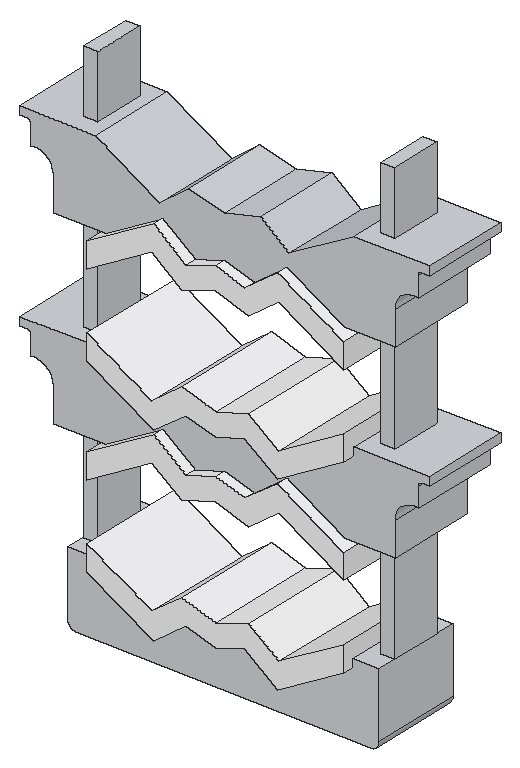
Revit family "550-2112Q", category Pipe Accessories, Revit 2017
Family settings
  Round Connector Dimension = Use Diameter
  Part Type = Normal
  Work Plane-Based = No
  Always vertical = Yes
  Cut with Voids When Loaded = No
  Shared = No
Parameters
  URL = "WWW.SIOUXCHIEF.COM"
  Spread Distance 2 [instance] = 1.000"
  Spread Distance [instance] = 1.000"
  Model = "550-2112Q"
  Manufacturer = "SIOUX CHIEF MANUFACTURING, INC."
  Description = "TD+ UNIVERSAL CLAMPS"
Reference planes (in)
  plane 1 "Center (Front/Back)": y = 0
  plane 2: z = 0
  plane 3 "Center (Left/Right)": x = 0
  plane 4: z = 1.5999
  plane 5: z = 0.5999
  plane 6: z = 2.34549
  plane 7: z = 3.34549
Forms (in)
  Extrusion 1, solid
    sketch origin (0, 0, 0) x (1, 0, 0) y (0, 1, 0)
      loop
        line (-1.4375, 0.24262) -> (-1.4375, -0.24262) -> (-1.3125, -0.24262) -> (-1.3125, 0.24262) -> (-1.4375, 0.24262)
    from 0.679 to 4.75
  Extrusion 2, solid
    sketch origin (0, 0, 0) x (-1, 0, 0) y (0, -1, 0)
      loop
        line (-1.4375, -0.24262) -> (-1.3125, -0.24262) -> (-1.3125, 0.24262) -> (-1.4375, 0.24262) -> (-1.4375, -0.24262)
    from 0.679 to 4.75
  Extrusion 3, solid
    sketch origin (0, 0.39993, 0) x (1, 0, 0) y (0, 0, 1)
      loop
        arc (1.365, 0) -> (1.4162, 0.0212) -> (1.4374, 0.0724) r 0.0724
        line (1.4374, 0.0724) -> (1.4374, 0.679) -> (1.1346, 0.679) -> (0.6041, 0.3762) -> (0.3361, 0.5915) -> (0, 0.50643) -> (-0.3361, 0.5915) -> (-0.6041, 0.3762) -> (-1.1346, 0.679) -> (-1.4374, 0.679) -> (-1.4374, 0.0724)
        arc (-1.4374, 0.0724) -> (-1.4162, 0.0212) -> (-1.365, 0) r 0.0724
        line (-1.365, 0) -> (1.365, 0)
    from -0.02514 to 0.825
  Extrusion 4, solid
    sketch origin (0, 0.25, 0.41761) x (1, 0, 0) y (0, 0, 1)
      loop
        line (-0.00363, 1.28449) -> (0.2179, 1.22889) -> (0.3651, 1.22889) -> (0.5873, 1.41219) -> (0.9151, 1.22889) -> (1.5817, 1.22889) -> (1.5817, 1.54282)
        arc (1.5817, 1.54282) -> (1.64704, 1.67873) -> (1.794, 1.71259) r 0.17403
        line (1.794, 1.71259) -> (1.794, 1.90206)
        arc (1.794, 1.90206) -> (1.80256, 1.92273) -> (1.82323, 1.93129) r 0.02923
        line (1.82323, 1.93129) -> (1.894, 1.93129) -> (1.894, 2.00699) -> (1.1924, 2.00699) -> (0.5952, 1.65979) -> (0.3319, 1.87079) -> (0, 1.78749) -> (-0.3319, 1.87079) -> (-0.5952, 1.65979) -> (-1.1924, 2.00699) -> (-1.894, 2.00699) -> (-1.894, 1.93129) -> (-1.82323, 1.93129)
        arc (-1.82323, 1.93129) -> (-1.80256, 1.92273) -> (-1.794, 1.90206) r 0.02923
        line (-1.794, 1.90206) -> (-1.794, 1.71259)
        arc (-1.794, 1.71259) -> (-1.64704, 1.67873) -> (-1.5817, 1.54282) r 0.17403
        line (-1.5817, 1.54282) -> (-1.5817, 1.22889) -> (-0.9151, 1.22889) -> (-0.5873, 1.41219) -> (-0.3651, 1.22889) -> (-0.2179, 1.22889) -> (0, 1.28357)
    from -0.1625 to 0.6625
  Extrusion 5, solid, not visible
    sketch origin (0, 0.25, 0) x (1, 0, 0) y (0, 0, 1)
      loop
        line (-0.00363, 1.28449) -> (0.2179, 1.22889) -> (0.3651, 1.22889) -> (0.5873, 1.41219) -> (0.9151, 1.22889) -> (1.5817, 1.22889) -> (1.5817, 1.54282)
        arc (1.5817, 1.54282) -> (1.64704, 1.67873) -> (1.794, 1.71259) r 0.17403
        line (1.794, 1.71259) -> (1.794, 1.90206)
        arc (1.794, 1.90206) -> (1.80256, 1.92273) -> (1.82323, 1.93129) r 0.02923
        line (1.82323, 1.93129) -> (1.894, 1.93129) -> (1.894, 2.00699) -> (1.1924, 2.00699) -> (0.5952, 1.65979) -> (0.3319, 1.87079) -> (0, 1.78749) -> (-0.3319, 1.87079) -> (-0.5952, 1.65979) -> (-1.1924, 2.00699) -> (-1.894, 2.00699) -> (-1.894, 1.93129) -> (-1.82323, 1.93129)
        arc (-1.82323, 1.93129) -> (-1.80256, 1.92273) -> (-1.794, 1.90206) r 0.02923
        line (-1.794, 1.90206) -> (-1.794, 1.71259)
        arc (-1.794, 1.71259) -> (-1.64704, 1.67873) -> (-1.5817, 1.54282) r 0.17403
        line (-1.5817, 1.54282) -> (-1.5817, 1.22889) -> (-0.9151, 1.22889) -> (-0.5873, 1.41219) -> (-0.3651, 1.22889) -> (-0.2179, 1.22889) -> (0, 1.28357)
    from -0.1625 to 0.6625
  Extrusion 6, solid, not visible
    sketch origin (0, 0, 0) x (1, 0, 0) y (0, 1, 0)
      loop
        line (-1.4375, 0.24262) -> (-1.4375, -0.24262) -> (-1.3125, -0.24262) -> (-1.3125, 0.24262) -> (-1.4375, 0.24262)
    from 0.679 to 4.75
  Extrusion 7, solid, not visible
    sketch origin (0, 0, 0) x (-1, 0, 0) y (0, -1, 0)
      loop
        line (-1.4375, -0.24262) -> (-1.3125, -0.24262) -> (-1.3125, 0.24262) -> (-1.4375, 0.24262) -> (-1.4375, -0.24262)
    from 0.679 to 4.75
  Extrusion 8, solid, not visible
    sketch origin (0, 0.39993, 0) x (1, 0, 0) y (0, 0, 1)
      loop
        arc (1.365, 0) -> (1.4162, 0.0212) -> (1.4374, 0.0724) r 0.0724
        line (1.4374, 0.0724) -> (1.4374, 0.679) -> (1.1346, 0.679) -> (0.6041, 0.3762) -> (0.3361, 0.5915) -> (0, 0.50643) -> (-0.3361, 0.5915) -> (-0.6041, 0.3762) -> (-1.1346, 0.679) -> (-1.4374, 0.679) -> (-1.4374, 0.0724)
        arc (-1.4374, 0.0724) -> (-1.4162, 0.0212) -> (-1.365, 0) r 0.0724
        line (-1.365, 0) -> (1.365, 0)
    from -0.02514 to 0.825
  Extrusion 9, solid
    sketch origin (0, 0.25, 2.1632) x (1, 0, 0) y (0, 0, 1)
      loop
        line (-0.00363, 1.28449) -> (0.2179, 1.22889) -> (0.3651, 1.22889) -> (0.5873, 1.41219) -> (0.9151, 1.22889) -> (1.5817, 1.22889) -> (1.5817, 1.54282)
        arc (1.5817, 1.54282) -> (1.64704, 1.67873) -> (1.794, 1.71259) r 0.17403
        line (1.794, 1.71259) -> (1.794, 1.90206)
        arc (1.794, 1.90206) -> (1.80256, 1.92273) -> (1.82323, 1.93129) r 0.02923
        line (1.82323, 1.93129) -> (1.894, 1.93129) -> (1.894, 2.00699) -> (1.1924, 2.00699) -> (0.5952, 1.65979) -> (0.3319, 1.87079) -> (0, 1.78749) -> (-0.3319, 1.87079) -> (-0.5952, 1.65979) -> (-1.1924, 2.00699) -> (-1.894, 2.00699) -> (-1.894, 1.93129) -> (-1.82323, 1.93129)
        arc (-1.82323, 1.93129) -> (-1.80256, 1.92273) -> (-1.794, 1.90206) r 0.02923
        line (-1.794, 1.90206) -> (-1.794, 1.71259)
        arc (-1.794, 1.71259) -> (-1.64704, 1.67873) -> (-1.5817, 1.54282) r 0.17403
        line (-1.5817, 1.54282) -> (-1.5817, 1.22889) -> (-0.9151, 1.22889) -> (-0.5873, 1.41219) -> (-0.3651, 1.22889) -> (-0.2179, 1.22889) -> (0, 1.28357)
    from -0.1625 to 0.6625
  Extrusion 10, solid, not visible
    sketch origin (0, 0.25, 2.22821) x (1, 0, 0) y (0, 0, 1)
      loop
        line (-0.00363, 1.28449) -> (0.2179, 1.22889) -> (0.3651, 1.22889) -> (0.5873, 1.41219) -> (0.9151, 1.22889) -> (1.5817, 1.22889) -> (1.5817, 1.54282)
        arc (1.5817, 1.54282) -> (1.64704, 1.67873) -> (1.794, 1.71259) r 0.17403
        line (1.794, 1.71259) -> (1.794, 1.90206)
        arc (1.794, 1.90206) -> (1.80256, 1.92273) -> (1.82323, 1.93129) r 0.02923
        line (1.82323, 1.93129) -> (1.894, 1.93129) -> (1.894, 2.00699) -> (1.1924, 2.00699) -> (0.5952, 1.65979) -> (0.3319, 1.87079) -> (0, 1.78749) -> (-0.3319, 1.87079) -> (-0.5952, 1.65979) -> (-1.1924, 2.00699) -> (-1.894, 2.00699) -> (-1.894, 1.93129) -> (-1.82323, 1.93129)
        arc (-1.82323, 1.93129) -> (-1.80256, 1.92273) -> (-1.794, 1.90206) r 0.02923
        line (-1.794, 1.90206) -> (-1.794, 1.71259)
        arc (-1.794, 1.71259) -> (-1.64704, 1.67873) -> (-1.5817, 1.54282) r 0.17403
        line (-1.5817, 1.54282) -> (-1.5817, 1.22889) -> (-0.9151, 1.22889) -> (-0.5873, 1.41219) -> (-0.3651, 1.22889) -> (-0.2179, 1.22889) -> (0, 1.28357)
    from -0.1625 to 0.6625
  Extrusion 11, solid, not visible
    sketch origin (0, 0.25, 0.45011) x (1, 0, 0) y (0, 0, 1)
      loop
        line (-0.00363, 1.28449) -> (0.2179, 1.22889) -> (0.3651, 1.22889) -> (0.5873, 1.41219) -> (0.9151, 1.22889) -> (1.5817, 1.22889) -> (1.5817, 1.54282)
        arc (1.5817, 1.54282) -> (1.64704, 1.67873) -> (1.794, 1.71259) r 0.17403
        line (1.794, 1.71259) -> (1.794, 1.90206)
        arc (1.794, 1.90206) -> (1.80256, 1.92273) -> (1.82323, 1.93129) r 0.02923
        line (1.82323, 1.93129) -> (1.894, 1.93129) -> (1.894, 2.00699) -> (1.1924, 2.00699) -> (0.5952, 1.65979) -> (0.3319, 1.87079) -> (0, 1.78749) -> (-0.3319, 1.87079) -> (-0.5952, 1.65979) -> (-1.1924, 2.00699) -> (-1.894, 2.00699) -> (-1.894, 1.93129) -> (-1.82323, 1.93129)
        arc (-1.82323, 1.93129) -> (-1.80256, 1.92273) -> (-1.794, 1.90206) r 0.02923
        line (-1.794, 1.90206) -> (-1.794, 1.71259)
        arc (-1.794, 1.71259) -> (-1.64704, 1.67873) -> (-1.5817, 1.54282) r 0.17403
        line (-1.5817, 1.54282) -> (-1.5817, 1.22889) -> (-0.9151, 1.22889) -> (-0.5873, 1.41219) -> (-0.3651, 1.22889) -> (-0.2179, 1.22889) -> (0, 1.28357)
    from -0.1625 to 0.6625
  Extrusion 12, solid, not visible
    sketch origin (0, 0, 0) x (1, 0, 0) y (0, 1, 0)
      loop
        line (-1.4375, 0.24262) -> (-1.4375, -0.24262) -> (-1.3125, -0.24262) -> (-1.3125, 0.24262) -> (-1.4375, 0.24262)
    from 0.679 to 4.75
  Extrusion 13, solid, not visible
    sketch origin (0, 0, 0) x (-1, 0, 0) y (0, -1, 0)
      loop
        line (-1.4375, -0.24262) -> (-1.3125, -0.24262) -> (-1.3125, 0.24262) -> (-1.4375, 0.24262) -> (-1.4375, -0.24262)
    from 0.679 to 4.75
  Extrusion 14, solid, not visible
    sketch origin (0, 0.39993, 0) x (1, 0, 0) y (0, 0, 1)
      loop
        arc (1.365, 0) -> (1.4162, 0.0212) -> (1.4374, 0.0724) r 0.0724
        line (1.4374, 0.0724) -> (1.4374, 0.679) -> (1.1346, 0.679) -> (0.6041, 0.3762) -> (0.3361, 0.5915) -> (0, 0.50643) -> (-0.3361, 0.5915) -> (-0.6041, 0.3762) -> (-1.1346, 0.679) -> (-1.4374, 0.679) -> (-1.4374, 0.0724)
        arc (-1.4374, 0.0724) -> (-1.4162, 0.0212) -> (-1.365, 0) r 0.0724
        line (-1.365, 0) -> (1.365, 0)
    from -0.02514 to 0.825
Dimensions and locks (in)
  locked: Extrusion 1 sketch curve to Extrusion 1 sketch curve at 0.48523
  locked: Extrusion 1 sketch curve to Extrusion 1 sketch curve at 0.125
  Extrusion 2 sketch curve to Extrusion 2 sketch curve = 0.48523"
  locked: Extrusion 2 sketch curve to Extrusion 2 sketch curve at 0.48523
  locked: Extrusion 2 sketch curve to Extrusion 2 sketch curve at 0.125
  equal spacing: Extrusion 3, plane 1 "Center (Front/Back)", Extrusion 3
  locked: Extrusion 1 to level at 4.75
  locked: Extrusion 2 to level at 4.75
  locked: Extrusion 4 to Extrusion 4 at 0.825
  equal spacing: Extrusion 4, plane 1 "Center (Front/Back)", Extrusion 4
  locked: Extrusion 6 sketch curve to Extrusion 6 sketch curve at 0.48523
  locked: Extrusion 6 sketch curve to Extrusion 6 sketch curve at 0.125
  Extrusion 7 sketch curve to Extrusion 7 sketch curve = 0.48523"
  locked: Extrusion 7 sketch curve to Extrusion 7 sketch curve at 0.48523
  locked: Extrusion 7 sketch curve to Extrusion 7 sketch curve at 0.125
  locked: Extrusion 9 to Extrusion 9 at 0.825
  Extrusion 9 to Extrusion 9 = 0.825"
  locked: Extrusion 12 sketch curve to Extrusion 12 sketch curve at 0.48523
  locked: Extrusion 12 sketch curve to Extrusion 12 sketch curve at 0.125
  Extrusion 13 sketch curve to Extrusion 13 sketch curve = 0.48523"
  locked: Extrusion 13 sketch curve to Extrusion 13 sketch curve at 0.48523
  locked: Extrusion 13 sketch curve to Extrusion 13 sketch curve at 0.125
  locked: plane 5 to plane 2 at 0.5999
  "Spread Distance": plane 4 to plane 5
  locked: plane 6 to plane 4 at 0.74559
  "Spread Distance 2": plane 7 to plane 6
  aligned and locked: plane 2 to level
  aligned and locked: Extrusion 1 to Extrusion 3
  aligned and locked: Extrusion 2 to Extrusion 3
  aligned and locked: plane 4 to nested 3
  aligned and locked: Extrusion 3 to level
  aligned and locked: plane 5 to nested 1
  aligned and locked: plane 6 to nested 2
  aligned and locked: plane 7 to nested 4
Automatic sketch dimensions
  Extrusion 3 sketch curve to Extrusion 3 sketch curve = 0.268"  (x2)
  Extrusion 3 sketch curve to Extrusion 3 sketch curve = 0.5305"  (x2)
  Extrusion 3 sketch curve to Extrusion 3 sketch curve = 0.2304"  (x2)
  Extrusion 3 sketch curve to Extrusion 3 sketch curve = 0.2153"  (x2)
  Extrusion 3 sketch curve to Extrusion 3 sketch curve = 0.3028"  (x2)
  Extrusion 4 sketch curve to Extrusion 4 sketch curve = 0.1472"  (x2)
  Extrusion 4 sketch curve to Extrusion 4 sketch curve = 0.2222"  (x2)
  Extrusion 4 sketch curve to Extrusion 4 sketch curve = 0.0079"  (x2)
  Extrusion 4 sketch curve to Extrusion 4 sketch curve = 0.3278"  (x2)
  Extrusion 4 sketch curve to Extrusion 4 sketch curve = 0.5972"  (x2)
  Extrusion 4 sketch curve to Extrusion 4 sketch curve = 0.6666"  (x2)
  Extrusion 4 sketch curve to Extrusion 4 sketch curve = 0.17403"  (x2)
  Extrusion 4 sketch curve to Extrusion 4 sketch curve = 0.03827"  (x2)
  Extrusion 4 sketch curve to Extrusion 4 sketch curve = 0.02923"  (x2)
  Extrusion 4 sketch curve to Extrusion 4 sketch curve = 0.07077"  (x2)
  Extrusion 4 sketch curve to Extrusion 4 sketch curve = 0.000"  (x3)
  Extrusion 4 sketch curve to Extrusion 4 sketch curve = 0.1833"  (x2)
  Extrusion 4 sketch curve to Extrusion 4 sketch curve = 0.31393"  (x2)
  Extrusion 4 sketch curve to Extrusion 4 sketch curve = 0.2476"  (x2)
  Extrusion 4 sketch curve to Extrusion 4 sketch curve = 0.5586"
  Extrusion 4 sketch curve to Extrusion 4 sketch curve = 0.211"  (x2)
  Extrusion 4 sketch curve to Extrusion 4 sketch curve = 0.18947"  (x2)
  Extrusion 4 sketch curve to Extrusion 4 sketch curve = 0.46417"  (x2)
  Extrusion 4 sketch curve to Extrusion 4 sketch curve = 0.05469"
  Extrusion 3 sketch curve to Extrusion 3 sketch curve = 0.0724"  (x2)
  Extrusion 3 sketch curve to Extrusion 3 sketch curve = 0.3361"  (x2)
  Extrusion 3 sketch curve to Extrusion 3 sketch curve = 0.3038"  (x2)
  Extrusion 3 sketch curve to Extrusion 3 sketch curve = 0.08507"
  Extrusion 4 sketch curve to Extrusion 4 sketch curve = 0.2633"  (x2)
  Extrusion 4 sketch curve to Extrusion 4 sketch curve = 0.3319"
  Extrusion 4 sketch curve to Extrusion 4 sketch curve = 0.4358"
  Extrusion 4 sketch curve to Extrusion 4 sketch curve = 0.21427"
  Extrusion 4 sketch curve to Extrusion 4 sketch curve = 0.00363"
  Extrusion 5 sketch curve to Extrusion 5 sketch curve = 0.1472"  (x2)
  Extrusion 5 sketch curve to Extrusion 5 sketch curve = 0.2222"  (x2)
  Extrusion 5 sketch curve to Extrusion 5 sketch curve = 0.0079"  (x2)
  Extrusion 5 sketch curve to Extrusion 5 sketch curve = 0.3278"  (x2)
  Extrusion 5 sketch curve to Extrusion 5 sketch curve = 0.5972"  (x2)
  Extrusion 5 sketch curve to Extrusion 5 sketch curve = 0.6666"  (x2)
  Extrusion 5 sketch curve to Extrusion 5 sketch curve = 0.17403"  (x2)
  Extrusion 5 sketch curve to Extrusion 5 sketch curve = 0.03827"  (x2)
  Extrusion 5 sketch curve to Extrusion 5 sketch curve = 0.02923"  (x2)
  Extrusion 5 sketch curve to Extrusion 5 sketch curve = 0.07077"  (x2)
  Extrusion 5 sketch curve to Extrusion 5 sketch curve = 0.000"  (x3)
  Extrusion 5 sketch curve to Extrusion 5 sketch curve = 0.1833"  (x2)
  Extrusion 5 sketch curve to Extrusion 5 sketch curve = 0.31393"  (x2)
  Extrusion 5 sketch curve to Extrusion 5 sketch curve = 0.2476"  (x2)
  Extrusion 5 sketch curve to Extrusion 5 sketch curve = 0.5586"
  Extrusion 5 sketch curve to Extrusion 5 sketch curve = 0.211"  (x2)
  Extrusion 5 sketch curve to Extrusion 5 sketch curve = 0.18947"  (x2)
  Extrusion 5 sketch curve to Extrusion 5 sketch curve = 0.46417"  (x2)
  Extrusion 5 sketch curve to Extrusion 5 sketch curve = 0.05469"
  Extrusion 5 sketch curve to Extrusion 5 sketch curve = 0.2633"  (x2)
  Extrusion 5 sketch curve to Extrusion 5 sketch curve = 0.3319"
  Extrusion 5 sketch curve to Extrusion 5 sketch curve = 0.4358"
  Extrusion 5 sketch curve to Extrusion 5 sketch curve = 0.21427"
  Extrusion 5 sketch curve to Extrusion 5 sketch curve = 0.00363"
  Extrusion 8 sketch curve to Extrusion 8 sketch curve = 0.268"  (x2)
  Extrusion 8 sketch curve to Extrusion 8 sketch curve = 0.5305"  (x2)
  Extrusion 8 sketch curve to Extrusion 8 sketch curve = 0.2304"  (x2)
  Extrusion 8 sketch curve to Extrusion 8 sketch curve = 0.2153"  (x2)
  Extrusion 8 sketch curve to Extrusion 8 sketch curve = 0.3028"  (x2)
  Extrusion 8 sketch curve to Extrusion 8 sketch curve = 0.0724"  (x2)
  Extrusion 8 sketch curve to Extrusion 8 sketch curve = 0.3361"  (x2)
  Extrusion 8 sketch curve to Extrusion 8 sketch curve = 0.3038"  (x2)
  Extrusion 8 sketch curve to Extrusion 8 sketch curve = 0.08507"
  Extrusion 9 sketch curve to Extrusion 9 sketch curve = 0.1472"  (x2)
  Extrusion 9 sketch curve to Extrusion 9 sketch curve = 0.2222"  (x2)
  Extrusion 9 sketch curve to Extrusion 9 sketch curve = 0.0079"  (x2)
  Extrusion 9 sketch curve to Extrusion 9 sketch curve = 0.3278"  (x2)
  Extrusion 9 sketch curve to Extrusion 9 sketch curve = 0.5972"  (x2)
  Extrusion 9 sketch curve to Extrusion 9 sketch curve = 0.6666"  (x2)
  Extrusion 9 sketch curve to Extrusion 9 sketch curve = 0.17403"  (x2)
  Extrusion 9 sketch curve to Extrusion 9 sketch curve = 0.03827"  (x2)
  Extrusion 9 sketch curve to Extrusion 9 sketch curve = 0.02923"  (x2)
  Extrusion 9 sketch curve to Extrusion 9 sketch curve = 0.07077"  (x2)
  Extrusion 9 sketch curve to Extrusion 9 sketch curve = 0.000"  (x3)
  Extrusion 9 sketch curve to Extrusion 9 sketch curve = 0.1833"  (x2)
  Extrusion 9 sketch curve to Extrusion 9 sketch curve = 0.31393"  (x2)
  Extrusion 9 sketch curve to Extrusion 9 sketch curve = 0.2476"  (x2)
  Extrusion 9 sketch curve to Extrusion 9 sketch curve = 0.5586"
  Extrusion 9 sketch curve to Extrusion 9 sketch curve = 0.211"  (x2)
  Extrusion 9 sketch curve to Extrusion 9 sketch curve = 0.18947"  (x2)
  Extrusion 9 sketch curve to Extrusion 9 sketch curve = 0.46417"  (x2)
  Extrusion 9 sketch curve to Extrusion 9 sketch curve = 0.05469"
  Extrusion 9 sketch curve to Extrusion 9 sketch curve = 0.2633"  (x2)
  Extrusion 9 sketch curve to Extrusion 9 sketch curve = 0.3319"
  Extrusion 9 sketch curve to Extrusion 9 sketch curve = 0.4358"
  Extrusion 9 sketch curve to Extrusion 9 sketch curve = 0.21427"
  Extrusion 9 sketch curve to Extrusion 9 sketch curve = 0.00363"
  Extrusion 10 sketch curve to Extrusion 10 sketch curve = 0.1472"  (x2)
  Extrusion 10 sketch curve to Extrusion 10 sketch curve = 0.2222"  (x2)
  Extrusion 10 sketch curve to Extrusion 10 sketch curve = 0.0079"  (x2)
  Extrusion 10 sketch curve to Extrusion 10 sketch curve = 0.3278"  (x2)
  Extrusion 10 sketch curve to Extrusion 10 sketch curve = 0.5972"  (x2)
  Extrusion 10 sketch curve to Extrusion 10 sketch curve = 0.6666"  (x2)
  Extrusion 10 sketch curve to Extrusion 10 sketch curve = 0.17403"  (x2)
  Extrusion 10 sketch curve to Extrusion 10 sketch curve = 0.03827"  (x2)
  Extrusion 10 sketch curve to Extrusion 10 sketch curve = 0.02923"  (x2)
  Extrusion 10 sketch curve to Extrusion 10 sketch curve = 0.07077"  (x2)
  Extrusion 10 sketch curve to Extrusion 10 sketch curve = 0.000"  (x3)
  Extrusion 10 sketch curve to Extrusion 10 sketch curve = 0.1833"  (x2)
  Extrusion 10 sketch curve to Extrusion 10 sketch curve = 0.31393"  (x2)
  Extrusion 10 sketch curve to Extrusion 10 sketch curve = 0.2476"  (x2)
  Extrusion 10 sketch curve to Extrusion 10 sketch curve = 0.5586"
  Extrusion 10 sketch curve to Extrusion 10 sketch curve = 0.211"  (x2)
  Extrusion 10 sketch curve to Extrusion 10 sketch curve = 0.18947"  (x2)
  Extrusion 10 sketch curve to Extrusion 10 sketch curve = 0.46417"  (x2)
  Extrusion 10 sketch curve to Extrusion 10 sketch curve = 0.05469"
  Extrusion 10 sketch curve to Extrusion 10 sketch curve = 0.2633"  (x2)
  Extrusion 10 sketch curve to Extrusion 10 sketch curve = 0.3319"
  Extrusion 10 sketch curve to Extrusion 10 sketch curve = 0.4358"
  Extrusion 10 sketch curve to Extrusion 10 sketch curve = 0.21427"
  Extrusion 10 sketch curve to Extrusion 10 sketch curve = 0.00363"
  Extrusion 11 sketch curve to Extrusion 11 sketch curve = 0.1472"  (x2)
  Extrusion 11 sketch curve to Extrusion 11 sketch curve = 0.2222"  (x2)
  Extrusion 11 sketch curve to Extrusion 11 sketch curve = 0.0079"  (x2)
  Extrusion 11 sketch curve to Extrusion 11 sketch curve = 0.3278"  (x2)
  Extrusion 11 sketch curve to Extrusion 11 sketch curve = 0.5972"  (x2)
  Extrusion 11 sketch curve to Extrusion 11 sketch curve = 0.6666"  (x2)
  Extrusion 11 sketch curve to Extrusion 11 sketch curve = 0.17403"  (x2)
  Extrusion 11 sketch curve to Extrusion 11 sketch curve = 0.03827"  (x2)
  Extrusion 11 sketch curve to Extrusion 11 sketch curve = 0.02923"  (x2)
  Extrusion 11 sketch curve to Extrusion 11 sketch curve = 0.07077"  (x2)
  Extrusion 11 sketch curve to Extrusion 11 sketch curve = 0.000"  (x3)
  Extrusion 11 sketch curve to Extrusion 11 sketch curve = 0.1833"  (x2)
  Extrusion 11 sketch curve to Extrusion 11 sketch curve = 0.31393"  (x2)
  Extrusion 11 sketch curve to Extrusion 11 sketch curve = 0.2476"  (x2)
  Extrusion 11 sketch curve to Extrusion 11 sketch curve = 0.5586"
  Extrusion 11 sketch curve to Extrusion 11 sketch curve = 0.211"  (x2)
  Extrusion 11 sketch curve to Extrusion 11 sketch curve = 0.18947"  (x2)
  Extrusion 11 sketch curve to Extrusion 11 sketch curve = 0.46417"  (x2)
  Extrusion 11 sketch curve to Extrusion 11 sketch curve = 0.05469"
  Extrusion 11 sketch curve to Extrusion 11 sketch curve = 0.2633"  (x2)
  Extrusion 11 sketch curve to Extrusion 11 sketch curve = 0.3319"
  Extrusion 11 sketch curve to Extrusion 11 sketch curve = 0.4358"
  Extrusion 11 sketch curve to Extrusion 11 sketch curve = 0.21427"
  Extrusion 11 sketch curve to Extrusion 11 sketch curve = 0.00363"
  Extrusion 14 sketch curve to Extrusion 14 sketch curve = 0.268"  (x2)
  Extrusion 14 sketch curve to Extrusion 14 sketch curve = 0.5305"  (x2)
  Extrusion 14 sketch curve to Extrusion 14 sketch curve = 0.2304"  (x2)
  Extrusion 14 sketch curve to Extrusion 14 sketch curve = 0.2153"  (x2)
  Extrusion 14 sketch curve to Extrusion 14 sketch curve = 0.3028"  (x2)
  Extrusion 14 sketch curve to Extrusion 14 sketch curve = 0.0724"  (x2)
  Extrusion 14 sketch curve to Extrusion 14 sketch curve = 0.3361"  (x2)
  Extrusion 14 sketch curve to Extrusion 14 sketch curve = 0.3038"  (x2)
  Extrusion 14 sketch curve to Extrusion 14 sketch curve = 0.08507"
Nested families (in)
  nested 1: "Insert" at (0, 0, 0), type "Insert"
    with Spread Distance 1.000"
  nested 2: "Insert" at (0, 0, 1.74559), type "Insert"
    with Spread Distance 1.000"
  nested 3: "Insert" at (0, 0, 2.1998) x (1, 0, 0) z (0, 0, -1), type "Insert"
    with Spread Distance 1.000"
  nested 4: "Insert" at (0, 0, 3.94539) x (1, 0, 0) z (0, 0, -1), type "Insert"
    with Spread Distance 1.000"
  nested 5: "Insert" at (0, 0, 4.01041) x (1, 0, 0) z (0, 0, -1), type "Insert", not visible
    with Spread Distance 1.000"
  nested 6: "Insert" at (0, 0, 1.7781), type "Insert", not visible
    with Spread Distance 1.000"
  nested 7: "Insert" at (0, 0, 2.23231) x (1, 0, 0) z (0, 0, -1), type "Insert", not visible
    with Spread Distance 1.000"
  nested 8: "Insert" at (0, 0, 0), type "Insert", not visible
    with Spread Distance 1.000"
Definition of nested family "Insert"
  Parameters (values of type "Insert")
    URL = "WWW.SIOUXCHIEF.COM"
    Spread Distance [instance] = 1.000"
    Model = "550-2111Q"
    Manufacturer = "SIOUX CHIEF MANUFACTURING, INC."
    Description = "TD+ UNIVERSAL CLAMPS"
  Reference planes (in)
    plane 1 "Center (Front/Back)": y = 0
    plane 2: z = 0
    plane 3 "Center (Left/Right)": x = 0
  Forms (in)
    Extrusion 1, solid, not visible
      sketch origin (0, 0.25, 0) x (1, 0, 0) y (0, 0, 1)
        loop
          line (-0.00363, 1.28449) -> (0.2179, 1.22889) -> (0.3651, 1.22889) -> (0.5873, 1.41219) -> (0.9151, 1.22889) -> (1.5817, 1.22889) -> (1.5817, 1.54282)
          arc (1.5817, 1.54282) -> (1.64704, 1.67873) -> (1.794, 1.71259) r 0.17403
          line (1.794, 1.71259) -> (1.794, 1.90206)
          arc (1.794, 1.90206) -> (1.80256, 1.92273) -> (1.82323, 1.93129) r 0.02923
          line (1.82323, 1.93129) -> (1.894, 1.93129) -> (1.894, 2.00699) -> (1.1924, 2.00699) -> (0.5952, 1.65979) -> (0.3319, 1.87079) -> (0, 1.78749) -> (-0.3319, 1.87079) -> (-0.5952, 1.65979) -> (-1.1924, 2.00699) -> (-1.894, 2.00699) -> (-1.894, 1.93129) -> (-1.82323, 1.93129)
          arc (-1.82323, 1.93129) -> (-1.80256, 1.92273) -> (-1.794, 1.90206) r 0.02923
          line (-1.794, 1.90206) -> (-1.794, 1.71259)
          arc (-1.794, 1.71259) -> (-1.64704, 1.67873) -> (-1.5817, 1.54282) r 0.17403
          line (-1.5817, 1.54282) -> (-1.5817, 1.22889) -> (-0.9151, 1.22889) -> (-0.5873, 1.41219) -> (-0.3651, 1.22889) -> (-0.2179, 1.22889) -> (0, 1.28357)
      from -0.1625 to 0.6625
    Extrusion 2, solid, not visible
      sketch origin (0, 0, 0) x (1, 0, 0) y (0, 1, 0)
        loop
          line (-1.4375, 0.24262) -> (-1.4375, -0.24262) -> (-1.3125, -0.24262) -> (-1.3125, 0.24262) -> (-1.4375, 0.24262)
      from 0.679 to 4.75
    Extrusion 3, solid, not visible
      sketch origin (0, 0, 0) x (-1, 0, 0) y (0, -1, 0)
        loop
          line (-1.4375, -0.24262) -> (-1.3125, -0.24262) -> (-1.3125, 0.24262) -> (-1.4375, 0.24262) -> (-1.4375, -0.24262)
      from 0.679 to 4.75
    Extrusion 4, solid, not visible
      sketch origin (0, 0.39993, 0) x (1, 0, 0) y (0, 0, 1)
        loop
          arc (1.365, 0) -> (1.4162, 0.0212) -> (1.4374, 0.0724) r 0.0724
          line (1.4374, 0.0724) -> (1.4374, 0.679) -> (1.1346, 0.679) -> (0.6041, 0.3762) -> (0.3361, 0.5915) -> (0, 0.50643) -> (-0.3361, 0.5915) -> (-0.6041, 0.3762) -> (-1.1346, 0.679) -> (-1.4374, 0.679) -> (-1.4374, 0.0724)
          arc (-1.4374, 0.0724) -> (-1.4162, 0.0212) -> (-1.365, 0) r 0.0724
          line (-1.365, 0) -> (1.365, 0)
      from -0.02514 to 0.825
    Extrusion 5, solid
      sketch origin (0, 0, 0) x (1, 0, 0) y (0, 0, 1)
        loop
          line (-1.1875, 0.60181) -> (-0.57489, 0.24535) -> (-0.27316, 0.47445) -> (0, 0.39071) -> (0.27316, 0.47445) -> (0.57489, 0.24535) -> (1.1875, 0.60181) -> (1.1875, 0.8332) -> (0.5896, 0.4853) -> (0.3125, 0.6957) -> (0, 0.5999) -> (-0.3125, 0.6957) -> (-0.5896, 0.4853) -> (-1.1875, 0.8332) -> (-1.1875, 0.60181)
      from -0.51786 to 0.51786
    Extrusion 6, solid, not visible
      sketch origin (0, 0.25, 0.45011) x (1, 0, 0) y (0, 0, 1)
        loop
          line (-0.00363, 1.28449) -> (0.2179, 1.22889) -> (0.3651, 1.22889) -> (0.5873, 1.41219) -> (0.9151, 1.22889) -> (1.5817, 1.22889) -> (1.5817, 1.54282)
          arc (1.5817, 1.54282) -> (1.64704, 1.67873) -> (1.794, 1.71259) r 0.17403
          line (1.794, 1.71259) -> (1.794, 1.90206)
          arc (1.794, 1.90206) -> (1.80256, 1.92273) -> (1.82323, 1.93129) r 0.02923
          line (1.82323, 1.93129) -> (1.894, 1.93129) -> (1.894, 2.00699) -> (1.1924, 2.00699) -> (0.5952, 1.65979) -> (0.3319, 1.87079) -> (0, 1.78749) -> (-0.3319, 1.87079) -> (-0.5952, 1.65979) -> (-1.1924, 2.00699) -> (-1.894, 2.00699) -> (-1.894, 1.93129) -> (-1.82323, 1.93129)
          arc (-1.82323, 1.93129) -> (-1.80256, 1.92273) -> (-1.794, 1.90206) r 0.02923
          line (-1.794, 1.90206) -> (-1.794, 1.71259)
          arc (-1.794, 1.71259) -> (-1.64704, 1.67873) -> (-1.5817, 1.54282) r 0.17403
          line (-1.5817, 1.54282) -> (-1.5817, 1.22889) -> (-0.9151, 1.22889) -> (-0.5873, 1.41219) -> (-0.3651, 1.22889) -> (-0.2179, 1.22889) -> (0, 1.28357)
      from -0.1625 to 0.6625
    Extrusion 7, solid, not visible
      sketch origin (0, 0, 2.24863) x (1, 0, 0) y (0, 0, 1)
        loop
          line (-1.1875, -0.60181) -> (-1.1875, -0.8332) -> (-0.5896, -0.4853) -> (-0.3125, -0.6957) -> (0, -0.5999) -> (0.3125, -0.6957) -> (0.5896, -0.4853) -> (1.1875, -0.8332) -> (1.1875, -0.60181) -> (0.57489, -0.24535) -> (0.27316, -0.47445) -> (0, -0.39071) -> (-0.27316, -0.47445) -> (-0.57489, -0.24535) -> (-1.1875, -0.60181)
      from -0.51786 to 0.51786
    Extrusion 8, solid, not visible
      sketch origin (0, 0, 0) x (1, 0, 0) y (0, 1, 0)
        loop
          line (-1.4375, 0.24262) -> (-1.4375, -0.24262) -> (-1.3125, -0.24262) -> (-1.3125, 0.24262) -> (-1.4375, 0.24262)
      from 0.679 to 4.75
    Extrusion 9, solid, not visible
      sketch origin (0, 0, 0) x (-1, 0, 0) y (0, -1, 0)
        loop
          line (-1.4375, -0.24262) -> (-1.3125, -0.24262) -> (-1.3125, 0.24262) -> (-1.4375, 0.24262) -> (-1.4375, -0.24262)
      from 0.679 to 4.75
    Extrusion 10, solid, not visible
      sketch origin (0, 0.39993, 0) x (1, 0, 0) y (0, 0, 1)
        loop
          arc (1.365, 0) -> (1.4162, 0.0212) -> (1.4374, 0.0724) r 0.0724
          line (1.4374, 0.0724) -> (1.4374, 0.679) -> (1.1346, 0.679) -> (0.6041, 0.3762) -> (0.3361, 0.5915) -> (0, 0.50643) -> (-0.3361, 0.5915) -> (-0.6041, 0.3762) -> (-1.1346, 0.679) -> (-1.4374, 0.679) -> (-1.4374, 0.0724)
          arc (-1.4374, 0.0724) -> (-1.4162, 0.0212) -> (-1.365, 0) r 0.0724
          line (-1.365, 0) -> (1.365, 0)
      from -0.02514 to 0.825
    Extrusion 11, solid, not visible
      sketch origin (0, 0, 0) x (1, 0, 0) y (0, 0, 1)
        loop
          line (-1.1875, 0.60181) -> (-0.57489, 0.24535) -> (-0.27316, 0.47445) -> (0, 0.39071) -> (0.27316, 0.47445) -> (0.57489, 0.24535) -> (1.1875, 0.60181) -> (1.1875, 0.8332) -> (0.5896, 0.4853) -> (0.3125, 0.6957) -> (0, 0.5999) -> (-0.3125, 0.6957) -> (-0.5896, 0.4853) -> (-1.1875, 0.8332) -> (-1.1875, 0.60181)
      from -0.51786 to 0.51786
  Dimensions and locks (in)
    locked: Extrusion 2 sketch curve to Extrusion 2 sketch curve at 0.48523
    locked: Extrusion 2 sketch curve to Extrusion 2 sketch curve at 0.125
    Extrusion 3 sketch curve to Extrusion 3 sketch curve = 0.48523"
    locked: Extrusion 3 sketch curve to Extrusion 3 sketch curve at 0.48523
    locked: Extrusion 3 sketch curve to Extrusion 3 sketch curve at 0.125
    equal spacing: Extrusion 5, plane 1 "Center (Front/Back)", Extrusion 5
    Extrusion 5 to Extrusion 5 = 1.03573"
    locked: Extrusion 5 to Extrusion 5 at 1.03573
    locked: Extrusion 8 sketch curve to Extrusion 8 sketch curve at 0.48523
    locked: Extrusion 8 sketch curve to Extrusion 8 sketch curve at 0.125
    Extrusion 9 sketch curve to Extrusion 9 sketch curve = 0.48523"
    locked: Extrusion 9 sketch curve to Extrusion 9 sketch curve at 0.48523
    locked: Extrusion 9 sketch curve to Extrusion 9 sketch curve at 0.125
    aligned and locked: plane 2 to level
  Automatic sketch dimensions
    Extrusion 1 sketch curve to Extrusion 1 sketch curve = 0.1472"  (x2)
    Extrusion 1 sketch curve to Extrusion 1 sketch curve = 0.2222"  (x2)
    Extrusion 1 sketch curve to Extrusion 1 sketch curve = 0.0079"  (x2)
    Extrusion 1 sketch curve to Extrusion 1 sketch curve = 0.3278"  (x2)
    Extrusion 1 sketch curve to Extrusion 1 sketch curve = 0.5972"  (x2)
    Extrusion 1 sketch curve to Extrusion 1 sketch curve = 0.6666"  (x2)
    Extrusion 1 sketch curve to Extrusion 1 sketch curve = 0.17403"  (x2)
    Extrusion 1 sketch curve to Extrusion 1 sketch curve = 0.03827"  (x2)
    Extrusion 1 sketch curve to Extrusion 1 sketch curve = 0.02923"  (x2)
    Extrusion 1 sketch curve to Extrusion 1 sketch curve = 0.07077"  (x2)
    Extrusion 1 sketch curve to Extrusion 1 sketch curve = 0.000"  (x3)
    Extrusion 1 sketch curve to Extrusion 1 sketch curve = 0.1833"  (x2)
    Extrusion 1 sketch curve to Extrusion 1 sketch curve = 0.31393"  (x2)
    Extrusion 1 sketch curve to Extrusion 1 sketch curve = 0.2476"  (x2)
    Extrusion 1 sketch curve to Extrusion 1 sketch curve = 0.5586"
    Extrusion 1 sketch curve to Extrusion 1 sketch curve = 0.211"  (x2)
    Extrusion 1 sketch curve to Extrusion 1 sketch curve = 0.18947"  (x2)
    Extrusion 1 sketch curve to Extrusion 1 sketch curve = 0.46417"  (x2)
    Extrusion 1 sketch curve to Extrusion 1 sketch curve = 0.05469"
    Extrusion 1 sketch curve to Extrusion 1 sketch curve = 0.2633"  (x2)
    Extrusion 1 sketch curve to Extrusion 1 sketch curve = 0.3319"
    Extrusion 1 sketch curve to Extrusion 1 sketch curve = 0.4358"
    Extrusion 1 sketch curve to Extrusion 1 sketch curve = 0.21427"
    Extrusion 1 sketch curve to Extrusion 1 sketch curve = 0.00363"
    Extrusion 4 sketch curve to Extrusion 4 sketch curve = 0.268"  (x2)
    Extrusion 4 sketch curve to Extrusion 4 sketch curve = 0.5305"  (x2)
    Extrusion 4 sketch curve to Extrusion 4 sketch curve = 0.2304"  (x2)
    Extrusion 4 sketch curve to Extrusion 4 sketch curve = 0.2153"  (x2)
    Extrusion 4 sketch curve to Extrusion 4 sketch curve = 0.3028"  (x2)
    Extrusion 4 sketch curve to Extrusion 4 sketch curve = 0.0724"  (x2)
    Extrusion 4 sketch curve to Extrusion 4 sketch curve = 0.3361"  (x2)
    Extrusion 4 sketch curve to Extrusion 4 sketch curve = 0.3038"  (x2)
    Extrusion 4 sketch curve to Extrusion 4 sketch curve = 0.08507"
    Extrusion 5 sketch curve to Extrusion 5 sketch curve = 0.03934"  (x2)
    Extrusion 5 sketch curve to Extrusion 5 sketch curve = 0.30173"  (x2)
    Extrusion 5 sketch curve to Extrusion 5 sketch curve = 0.01471"  (x2)
    Extrusion 5 sketch curve to Extrusion 5 sketch curve = 0.5979"  (x2)
    Extrusion 5 sketch curve to Extrusion 5 sketch curve = 0.08374"  (x2)
    Extrusion 5 sketch curve to Extrusion 5 sketch curve = 0.23995"  (x2)
    Extrusion 5 sketch curve to Extrusion 5 sketch curve = 0.20919"
    Extrusion 5 sketch curve to Extrusion 5 sketch curve = 0.22125"  (x2)
    Extrusion 5 sketch curve to Extrusion 5 sketch curve = 0.23139"  (x2)
    Extrusion 6 sketch curve to Extrusion 6 sketch curve = 0.1472"  (x2)
    Extrusion 6 sketch curve to Extrusion 6 sketch curve = 0.2222"  (x2)
    Extrusion 6 sketch curve to Extrusion 6 sketch curve = 0.0079"  (x2)
    Extrusion 6 sketch curve to Extrusion 6 sketch curve = 0.3278"  (x2)
    Extrusion 6 sketch curve to Extrusion 6 sketch curve = 0.5972"  (x2)
    Extrusion 6 sketch curve to Extrusion 6 sketch curve = 0.6666"  (x2)
    Extrusion 6 sketch curve to Extrusion 6 sketch curve = 0.17403"  (x2)
    Extrusion 6 sketch curve to Extrusion 6 sketch curve = 0.03827"  (x2)
    Extrusion 6 sketch curve to Extrusion 6 sketch curve = 0.02923"  (x2)
    Extrusion 6 sketch curve to Extrusion 6 sketch curve = 0.07077"  (x2)
    Extrusion 6 sketch curve to Extrusion 6 sketch curve = 0.000"  (x3)
    Extrusion 6 sketch curve to Extrusion 6 sketch curve = 0.1833"  (x2)
    Extrusion 6 sketch curve to Extrusion 6 sketch curve = 0.31393"  (x2)
    Extrusion 6 sketch curve to Extrusion 6 sketch curve = 0.2476"  (x2)
    Extrusion 6 sketch curve to Extrusion 6 sketch curve = 0.5586"
    Extrusion 6 sketch curve to Extrusion 6 sketch curve = 0.211"  (x2)
    Extrusion 6 sketch curve to Extrusion 6 sketch curve = 0.18947"  (x2)
    Extrusion 6 sketch curve to Extrusion 6 sketch curve = 0.46417"  (x2)
    Extrusion 6 sketch curve to Extrusion 6 sketch curve = 0.05469"
    Extrusion 6 sketch curve to Extrusion 6 sketch curve = 0.2633"  (x2)
    Extrusion 6 sketch curve to Extrusion 6 sketch curve = 0.3319"
    Extrusion 6 sketch curve to Extrusion 6 sketch curve = 0.4358"
    Extrusion 6 sketch curve to Extrusion 6 sketch curve = 0.21427"
    Extrusion 6 sketch curve to Extrusion 6 sketch curve = 0.00363"
    Extrusion 7 sketch curve to Extrusion 7 sketch curve = 0.03934"  (x2)
    Extrusion 7 sketch curve to Extrusion 7 sketch curve = 0.30173"  (x2)
    Extrusion 7 sketch curve to Extrusion 7 sketch curve = 0.01471"  (x2)
    Extrusion 7 sketch curve to Extrusion 7 sketch curve = 0.5979"  (x2)
    Extrusion 7 sketch curve to Extrusion 7 sketch curve = 0.000"  (x2)
    Extrusion 7 sketch curve to Extrusion 7 sketch curve = 0.14536"
    Extrusion 7 sketch curve to Extrusion 7 sketch curve = 0.08374"  (x2)
    Extrusion 7 sketch curve to Extrusion 7 sketch curve = 0.23995"  (x2)
    Extrusion 7 sketch curve to Extrusion 7 sketch curve = 0.20919"
    Extrusion 7 sketch curve to Extrusion 7 sketch curve = 0.11651"  (x2)
    Extrusion 7 sketch curve to Extrusion 7 sketch curve = 0.22125"  (x2)
    Extrusion 7 sketch curve to Extrusion 7 sketch curve = 0.23139"  (x2)
    Extrusion 7 sketch curve to Extrusion 7 sketch curve = 0.27316"  (x2)
    Extrusion 5 sketch curve to Extrusion 5 sketch curve = 0.27316"  (x2)
    Extrusion 5 sketch curve to Extrusion 5 sketch curve = 0.000"  (x2)
    Extrusion 5 sketch curve to Extrusion 5 sketch curve = 0.14536"
    Extrusion 5 sketch curve to Extrusion 5 sketch curve = 0.11651"  (x2)
    Extrusion 10 sketch curve to Extrusion 10 sketch curve = 0.268"  (x2)
    Extrusion 10 sketch curve to Extrusion 10 sketch curve = 0.5305"  (x2)
    Extrusion 10 sketch curve to Extrusion 10 sketch curve = 0.2304"  (x2)
    Extrusion 10 sketch curve to Extrusion 10 sketch curve = 0.2153"  (x2)
    Extrusion 10 sketch curve to Extrusion 10 sketch curve = 0.3028"  (x2)
    Extrusion 10 sketch curve to Extrusion 10 sketch curve = 0.0724"  (x2)
    Extrusion 10 sketch curve to Extrusion 10 sketch curve = 0.3361"  (x2)
    Extrusion 10 sketch curve to Extrusion 10 sketch curve = 0.3038"  (x2)
    Extrusion 10 sketch curve to Extrusion 10 sketch curve = 0.08507"
    Extrusion 11 sketch curve to Extrusion 11 sketch curve = 0.03934"  (x2)
    Extrusion 11 sketch curve to Extrusion 11 sketch curve = 0.30173"  (x2)
    Extrusion 11 sketch curve to Extrusion 11 sketch curve = 0.01471"  (x2)
    Extrusion 11 sketch curve to Extrusion 11 sketch curve = 0.5979"  (x2)
    Extrusion 11 sketch curve to Extrusion 11 sketch curve = 0.08374"  (x2)
    Extrusion 11 sketch curve to Extrusion 11 sketch curve = 0.23995"  (x2)
    Extrusion 11 sketch curve to Extrusion 11 sketch curve = 0.20919"
    Extrusion 11 sketch curve to Extrusion 11 sketch curve = 0.22125"  (x2)
    Extrusion 11 sketch curve to Extrusion 11 sketch curve = 0.23139"  (x2)
    Extrusion 11 sketch curve to Extrusion 11 sketch curve = 0.27316"  (x2)
    Extrusion 11 sketch curve to Extrusion 11 sketch curve = 0.000"  (x2)
    Extrusion 11 sketch curve to Extrusion 11 sketch curve = 0.14536"
    Extrusion 11 sketch curve to Extrusion 11 sketch curve = 0.11651"  (x2)
    Extrusion 5 sketch curve to plane 3 "Center (Left/Right)" = 0.000"
    level to Extrusion 5 sketch curve = 0.24535"
